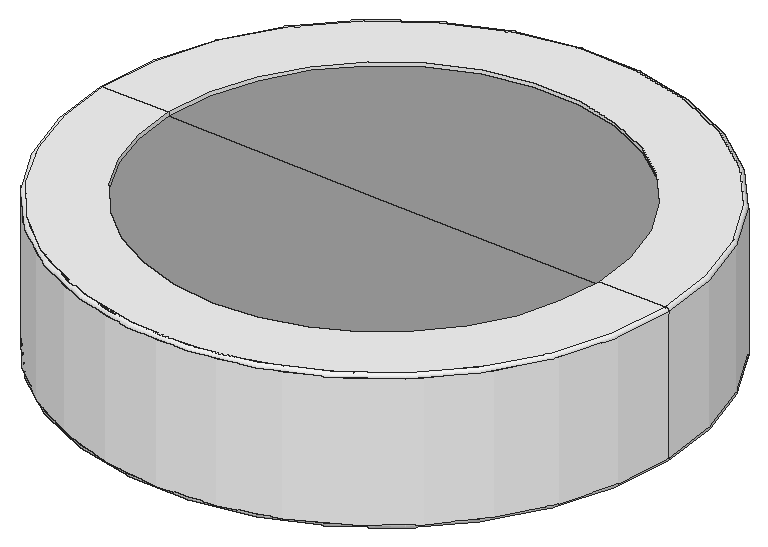
Revit family "0053298 Feilo Sylvania Lighting Fixture SYLFLAT SURFACE 1000 R 3000K", category Lighting Fixtures, host Face, Revit 2016
Family settings
  Host = Face
  Part Type = Normal
  Round Connector Dimension = Use Diameter
  OmniClass Number = 23.80.70.00
  OmniClass Title = Lighting
  Cut with Voids When Loaded = No
  Light Source = Yes
  Shared = No
  Room Calculation Point = No
Parameters (values of type "0053298 SYLFLAT SURFACE 1000 R 3000K")
  Weight = "3.396 kg"
  Wattage Comments = ""
  Wattage = 12 W
  WarrantyStartDate [instance] = "n/a"
  WarrantyGuarantorParts = "n/a"
  WarrantyDurationUnit = "n/a"
  WarrantyDurationParts = "n/a"
  WarrantyDescription = "n/a"
  built-in parameter 1150110 = 1 (stored number, unit not read)
  Voltage = 230 V
  URL = "http://www.feilosylvania.com"
  TypeName = "SYLFLAT SURFACE 1000 R 3000K"
  Type Image = <None>
  Type Comments = "n/a"
  built-in parameter 1114217 = 1 (stored number, unit not read)
  Tilt Angle = -90.00°
  built-in parameter 1150109 = 1 (stored number, unit not read)
  built-in parameter 1150134 = (empty or 0)
  built-in parameter 1150113 = 1 (stored number, unit not read)
  Square_FEILO = no
  SerialNumber [instance] = "n/a"
  Photometric Web File = "0053298.ies"
  Material_3_FEILO = none
  PowerFactor = 0.9
  PowerConsumption = "12 W"
  NominalLength = 0 mm
  NominalHeight = 40 mm
  NominalDepth = 0 mm
  Name = "SYLFLAT SURFACE 1000 R 3000K"
  ModelReference = Name  # "SYLFLAT SURFACE 1000 R 3000K"
  ModelNumber = "0053298"
  Model = Name  # "SYLFLAT SURFACE 1000 R 3000K"
  Material = "plastic housing, polycarbonate diffuser"
  ManufacturerName = "Feilo Sylvania"
  Manufacturer = "Feilo Sylvania"
  LuminousEfficacy = "69 lm/W"
  built-in parameter 1150105 = 65.89 (stored number, unit not read)
  Lumens = 828 lm
  LuminaireType = ""
  built-in parameter 1150115 = 1 (stored number, unit not read)
  LightOutputRatio = "100"
  built-in parameter 1150137 = (empty or 0)
  built-in parameter 1150139 = (empty or 0)
  LampsType = Lamp  # "LED"
  LampNominalLuminous = "825 lm"
  LampMacAdamStep = "n/a"
  LampColourTemperature = "3000 K"
  LampColourRenderingIndex = "0"
  built-in parameter 1150112 = 1 (stored number, unit not read)
  built-in parameter 1150114 = 1 (stored number, unit not read)
  Lamp = "LED"
  Keynote = "16500"
  InstallationDate [instance] = "n/a"
  InputVoltage = "220-240V~"
  InputNominalFrequency = "n/a"
  built-in parameter 1150132 = (empty or 0)
  built-in parameter 1150102 = (empty or 0)
  built-in parameter 1150107 = 3000 (stored number, unit not read)
  built-in parameter 1150138 = (empty or 0)
  IngressProtection = "IP20"
  ImpactProtectionIndex = "IK06"
  built-in parameter 1150106 = 0.6589 (stored number, unit not read)
  IfcExportType = "IfcLightFixtureType"
  IfcExportAs = "IfcLightFixtureType"
  Height_FEILO = 40 mm
  ExpectedLife = 50000
  Emit from Circle Diameter = Diameter_FEILO - 40 mm  # 125 mm
  Emit Shape Visible in Rendering = no
  ElectricShockClassification = "Class II"
  built-in parameter 1150104 = 6.4103 (stored number, unit not read)
  DurationUnit = "hours"
  DocumentationLiterature = "http://www.feilosylvania.com/product/en-int/products/0053298"
  DimmingControlOptions = "Non dimmable"
  Material_2_FEILO = Diffuser-Sylvania-SylFlat-Opaque
  Dimming Lamp Color Temperature Shift = <None>
  Diameter_FEILO = 165 mm
  Description = "Integrated round surface mounted 165mm diameter LED downlight providing uniform distribution with an opal diffuser, 110° beam angle, 825LM, 12W, 69lm/W, 3000K, CRI80, non-dimmable, IP20, IK06, 25,000hrs (L70)"
  Default Elevation = 1219.2 mm
  CreatedOn = "1/26/2018"
  CreatedBy = "aron.fodor@feilosylvania.com"
  Cost = 0
  Color Filter = 16777215
  built-in parameter 1114216 [instance] = (empty or 0)
  ClassificationValue = "EF_70_80"
  ClassificationName = "Uniclass2015"
  Material_1_FEILO = Body-Sylvania-SylFlat-White
  Circle_FEILO = yes
  BarCode [instance] = "n/a"
  built-in parameter 1114218 = 1 (stored number, unit not read)
  built-in parameter 1150133 = 10 (stored number, unit not read)
  AssetType = "Fixed"
  AssetIdentifier [instance] = "n/a"
  Assembly Code = "D5020200"
  Apparent Load = 12 VA
  Material_4_FEILO = none
Reference planes
  plane 1 "Center (Front/Back)": y = 0
  plane 2: z = 0
  plane 3 "Center (Left/Right)": x = 0
  plane 4: x = 82.5
  plane 5: x = -82.5
  plane 6: z = 40
  plane 7: x = -62.5
  plane 8: x = 62.5
  plane 9: z = 39
  plane 10: y = 82.5
  plane 11: y = -82.5
  plane 12: y = 62.5
  plane 13: y = -62.5
Forms (mm)
  Revolve 1, solid, material "Body-Sylvania-SylFlat-White" <- "Material_1_FEILO", visible <- "Circle_FEILO"
    sketch origin (0, 0, 0) x (1, 0, 0) y (0, 0, 1)
      loop
        line (0, 39) -> (-62.5, 39) -> (-62.5, 40) -> (-81.5, 40)
        arc (-81.5, 40) -> (-82.207, 39.707) -> (-82.5, 39) r 1
        line (-82.5, 39) -> (-82.5, 1)
        arc (-82.5, 1) -> (-82.207, 0.293) -> (-81.5, 0) r 1
        line (-81.5, 0) -> (0, 0) -> (0, 39)
      axis (0, 40) -> (0, 0)
    angle from 360 to 0
  Extrusion 2, solid, material "Body-Sylvania-SylFlat-White" <- "Material_1_FEILO", visible <- "Square_FEILO"
    sketch origin (0, 0, 0) x (1, 0, 0) y (0, 1, 0)
      loop
        arc (-77.5, 82.5) -> (-81.036, 81.036) -> (-82.5, 77.5) r 5
        line (-82.5, 77.5) -> (-82.5, -77.5)
        arc (-82.5, -77.5) -> (-81.036, -81.036) -> (-77.5, -82.5) r 5
        line (-77.5, -82.5) -> (77.5, -82.5)
        arc (77.5, -82.5) -> (81.036, -81.036) -> (82.5, -77.5) r 5
        line (82.5, -77.5) -> (82.5, 77.5)
        arc (82.5, 77.5) -> (81.036, 81.036) -> (77.5, 82.5) r 5
        line (77.5, 82.5) -> (-77.5, 82.5)
    from 0 to 40
  Extrusion 3, void
    sketch origin (1223.4, -4572, 40) x (-1, 0, 0) y (0, -1, 0)
      loop
        arc (1280.9, -4634.5) -> (1284.436, -4633.036) -> (1285.9, -4629.5) r 5
        line (1285.9, -4629.5) -> (1285.9, -4514.5)
        arc (1285.9, -4514.5) -> (1284.436, -4510.964) -> (1280.9, -4509.5) r 5
        line (1280.9, -4509.5) -> (1165.9, -4509.5)
        arc (1165.9, -4509.5) -> (1162.364, -4510.964) -> (1160.9, -4514.5) r 5
        line (1160.9, -4514.5) -> (1160.9, -4629.5)
        arc (1160.9, -4629.5) -> (1162.364, -4633.036) -> (1165.9, -4634.5) r 5
        line (1165.9, -4634.5) -> (1280.9, -4634.5)
    from 0 to -1
Cuts and joins
  Extrusion 3 cuts Extrusion 2
Dimensions and locks
  equal spacing: plane 4, plane 3 "Center (Left/Right)", plane 5
  "Diameter_FEILO": plane 4 to plane 5
  "Height_FEILO": plane 6 to plane 2
  equal spacing: plane 8, plane 3 "Center (Left/Right)", plane 7
  locked: plane 7 to plane 5 at 20
  locked: plane 6 to plane 9 at 1
  equal spacing: plane 11, plane 1 "Center (Front/Back)", plane 10
  equal spacing: plane 13, plane 1 "Center (Front/Back)", plane 12
  "Diameter_FEILO": plane 11 to plane 10
  locked: plane 12 to plane 10 at 20
  aligned and locked: plane 2 to host face
  aligned and locked: level to host face
  aligned and locked: Revolve 1 sketch curve to plane 3 "Center (Left/Right)"
  aligned and locked: plane 3 "Center (Left/Right)" to Revolve 1 sketch curve  (x2)
  aligned and locked: Revolve 1 sketch curve to plane 9
  aligned and locked: plane 7 to Revolve 1 sketch curve
  aligned and locked: Revolve 1 sketch curve to plane 6
  aligned and locked: Revolve 1 sketch curve to plane 5
  aligned and locked: Revolve 1 sketch curve to level
  aligned and locked: plane 10 to Extrusion 2 sketch curve
  aligned and locked: plane 5 to Extrusion 2 sketch curve
  aligned and locked: Extrusion 2 sketch curve to plane 11
  aligned and locked: Extrusion 2 sketch curve to plane 4
  aligned and locked: plane 12 to Extrusion 3 sketch curve
  aligned and locked: plane 7 to Extrusion 3 sketch curve
  aligned and locked: Extrusion 3 sketch curve to plane 13
  aligned and locked: Extrusion 3 sketch curve to plane 8
  aligned and locked: Extrusion 2 to plane 6
  aligned and locked: plane 9 to Extrusion 3
  aligned and locked: Extrusion 3 to plane 6
  aligned and locked: Extrusion 2 to level
  aligned and locked: Extrusion 2 to Extrusion 3
  aligned and locked: plane 3 "Center (Left/Right)" to imposter light
  aligned and locked: imposter light to plane 1 "Center (Front/Back)"
  aligned and locked: imposter light to plane 9
Automatic sketch dimensions
  host sketch curve to host sketch curve = 2438.4 mm  (x2)
  plane 5 to Revolve 1 sketch curve = 1 mm
  Revolve 1 sketch curve to Revolve 1 sketch curve = 1 mm
  Revolve 1 sketch curve to level = 609.6 mm
  Revolve 1 sketch curve to plane 6 = 2569.058 mm
  plane 10 to Extrusion 2 sketch curve = 0 mm
  plane 5 to Extrusion 2 sketch curve = 5 mm
  Extrusion 2 sketch curve to plane 7 = 15 mm
  Extrusion 2 sketch curve to plane 4 = 5 mm  (x2)
  plane 12 to Extrusion 3 sketch curve = 5 mm
  Extrusion 3 sketch curve to Extrusion 3 sketch curve = 5 mm  (x2)
  Extrusion 3 sketch curve to plane 13 = 5 mm
Connectors
  electrical at (0, 0, 0), driven by "Apparent Load", driven by "PowerFactor", driven by "Voltage"
    settings: index 1, voltage 230 V, apparent load 12 VA, apparent load phase1 0 VA, apparent load phase2 0 VA, apparent load phase3 0 VA, power factor 0.9, load classification "Lighting", number of poles 1, system type 30, power factor state 1, is connector primary yes, connector utility no, sub classification motor no, connector description ""
